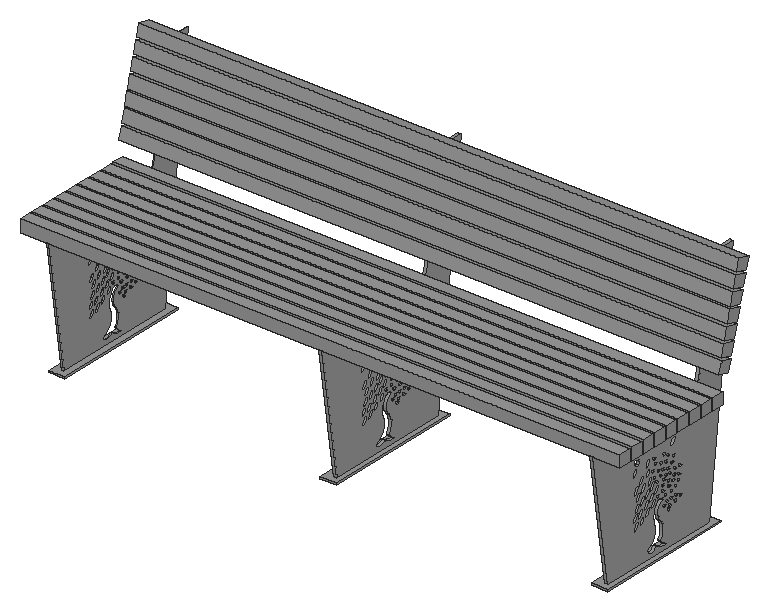
Revit family "Диван парковый с фигурной резкой «Флоренция» Арт 20361", category Антураж, Revit 2018 (continued)
Forms (mm)
  Extrusion 22, solid, material "Сталь" <- "Цвет опор"
    sketch origin (0, 0, 0) x (0, 1, 0) y (0, 0, 1)
      loop
        spline (309.698, 255.92) -> (310.372, 257.077) -> (310.518, 258.636) -> (310.126, 260.492) -> (309.224, 262.518) -> (307.872, 264.577) -> (306.162, 266.527) -> (304.211, 268.237) -> (302.153, 269.589) -> (300.126, 270.492) -> (298.271, 270.883) -> (296.711, 270.737) -> (295.555, 270.063)
      loop
        spline (313.015, 229.08) -> (312.341, 227.924) -> (312.194, 226.365) -> (312.586, 224.509) -> (313.489, 222.482) -> (314.841, 220.424) -> (316.55, 218.473) -> (318.501, 216.763) -> (320.56, 215.411) -> (322.586, 214.509) -> (324.442, 214.117) -> (326.001, 214.263) -> (327.157, 214.938)
        spline (327.157, 214.938) -> (327.831, 216.094) -> (327.977, 217.653) -> (327.586, 219.509) -> (326.683, 221.535) -> (325.331, 223.594) -> (323.621, 225.544) -> (321.671, 227.254) -> (319.612, 228.606) -> (317.586, 229.509) -> (315.73, 229.9) -> (314.171, 229.754) -> (313.015, 229.08)
      loop
        spline (295.694, 230.319) -> (295.02, 229.163) -> (294.874, 227.604) -> (295.265, 225.748) -> (296.168, 223.722) -> (297.52, 221.663) -> (299.23, 219.712) -> (301.18, 218.003) -> (303.239, 216.651) -> (305.265, 215.748) -> (307.121, 215.356) -> (308.68, 215.503) -> (309.836, 216.177)
        spline (309.836, 216.177) -> (310.511, 217.333) -> (310.657, 218.892) -> (310.265, 220.748) -> (309.363, 222.774) -> (308.011, 224.833) -> (306.301, 226.783) -> (304.35, 228.493) -> (302.292, 229.845) -> (300.265, 230.748) -> (298.409, 231.139) -> (296.85, 230.993) -> (295.694, 230.319)
      loop
        spline (285.586, 221.393) -> (284.912, 220.237) -> (284.766, 218.678) -> (285.157, 216.822) -> (286.06, 214.795) -> (287.412, 212.737) -> (289.122, 210.786) -> (291.072, 209.077) -> (293.131, 207.724) -> (295.157, 206.822) -> (297.013, 206.43) -> (298.572, 206.577) -> (299.728, 207.251)
        spline (299.728, 207.251) -> (300.402, 208.407) -> (300.549, 209.966) -> (300.157, 211.822) -> (299.254, 213.848) -> (297.902, 215.907) -> (296.193, 217.857) -> (294.242, 219.567) -> (292.183, 220.919) -> (290.157, 221.822) -> (288.301, 222.213) -> (286.742, 222.067) -> (285.586, 221.393)
      loop
        spline (257.061, 227.427) -> (256.387, 226.271) -> (256.24, 224.712) -> (256.632, 222.856) -> (257.535, 220.83) -> (258.887, 218.771) -> (260.596, 216.82) -> (262.547, 215.111) -> (264.606, 213.759) -> (266.632, 212.856) -> (268.488, 212.464) -> (270.047, 212.611) -> (271.203, 213.285)
        spline (271.203, 213.285) -> (271.877, 214.441) -> (272.023, 216) -> (271.632, 217.856) -> (270.729, 219.882) -> (269.377, 221.941) -> (267.668, 223.891) -> (265.717, 225.601) -> (263.658, 226.953) -> (261.632, 227.856) -> (259.776, 228.247) -> (258.217, 228.101) -> (257.061, 227.427)
      loop
        spline (273.444, 238.899) -> (272.77, 237.743) -> (272.624, 236.183) -> (273.015, 234.327) -> (273.918, 232.301) -> (275.27, 230.243) -> (276.979, 228.292) -> (278.93, 226.582) -> (280.989, 225.23) -> (283.015, 224.327) -> (284.871, 223.936) -> (286.43, 224.082) -> (287.586, 224.756)
        spline (287.586, 224.756) -> (288.26, 225.912) -> (288.407, 227.471) -> (288.015, 229.327) -> (287.112, 231.354) -> (285.76, 233.412) -> (284.051, 235.363) -> (282.1, 237.073) -> (280.041, 238.425) -> (278.015, 239.327) -> (276.159, 239.719) -> (274.6, 239.573) -> (273.444, 238.899)
      loop
        spline (302.422, 246.663) -> (301.748, 245.507) -> (301.601, 243.948) -> (301.993, 242.092) -> (302.895, 240.066) -> (304.248, 238.007) -> (305.957, 236.056) -> (307.908, 234.347) -> (309.966, 232.995) -> (311.993, 232.092) -> (313.849, 231.701) -> (315.408, 231.847) -> (316.564, 232.521)
        spline (316.564, 232.521) -> (317.238, 233.677) -> (317.384, 235.236) -> (316.993, 237.092) -> (316.09, 239.118) -> (314.738, 241.177) -> (313.028, 243.128) -> (311.078, 244.837) -> (309.019, 246.189) -> (306.993, 247.092) -> (305.137, 247.484) -> (303.578, 247.337) -> (302.422, 246.663)
      loop
        spline (263.61, 256.34) -> (262.936, 255.184) -> (262.789, 253.625) -> (263.181, 251.769) -> (264.084, 249.743) -> (265.436, 247.684) -> (267.145, 245.733) -> (269.096, 244.024) -> (271.155, 242.671) -> (273.181, 241.769) -> (275.037, 241.377) -> (276.596, 241.524) -> (277.752, 242.198)
        spline (277.752, 242.198) -> (278.426, 243.354) -> (278.572, 244.913) -> (278.181, 246.769) -> (277.278, 248.795) -> (275.926, 250.854) -> (274.216, 252.804) -> (272.266, 254.514) -> (270.207, 255.866) -> (268.181, 256.769) -> (266.325, 257.16) -> (264.766, 257.014) -> (263.61, 256.34)
      loop
        spline (240.118, 264.89) -> (239.443, 263.734) -> (239.297, 262.175) -> (239.689, 260.319) -> (240.591, 258.293) -> (241.943, 256.234) -> (243.653, 254.284) -> (245.604, 252.574) -> (247.662, 251.222) -> (249.689, 250.319) -> (251.545, 249.928) -> (253.104, 250.074) -> (254.26, 250.748)
        spline (254.26, 250.748) -> (254.934, 251.904) -> (255.08, 253.463) -> (254.689, 255.319) -> (253.786, 257.346) -> (252.434, 259.404) -> (250.724, 261.355) -> (248.774, 263.065) -> (246.715, 264.417) -> (244.689, 265.319) -> (242.833, 265.711) -> (241.274, 265.565) -> (240.118, 264.89)
      loop
        spline (247.956, 243.354) -> (247.282, 242.198) -> (247.136, 240.639) -> (247.527, 238.783) -> (248.43, 236.757) -> (249.782, 234.698) -> (251.492, 232.748) -> (253.442, 231.038) -> (255.501, 229.686) -> (257.527, 228.783) -> (259.383, 228.392) -> (260.942, 228.538) -> (262.098, 229.212)
        spline (262.098, 229.212) -> (262.772, 230.368) -> (262.919, 231.927) -> (262.527, 233.783) -> (261.625, 235.809) -> (260.272, 237.868) -> (258.563, 239.819) -> (256.612, 241.528) -> (254.554, 242.881) -> (252.527, 243.783) -> (250.671, 244.175) -> (249.112, 244.028) -> (247.956, 243.354)
      loop
        spline (281.6, 253.002) -> (280.926, 251.846) -> (280.78, 250.286) -> (281.171, 248.43) -> (282.074, 246.404) -> (283.426, 244.346) -> (285.136, 242.395) -> (287.086, 240.685) -> (289.145, 239.333) -> (291.171, 238.43) -> (293.027, 238.039) -> (294.586, 238.185) -> (295.742, 238.859)
        spline (295.742, 238.859) -> (296.417, 240.015) -> (296.563, 241.574) -> (296.171, 243.43) -> (295.269, 245.457) -> (293.917, 247.515) -> (292.207, 249.466) -> (290.256, 251.176) -> (288.198, 252.528) -> (286.171, 253.43) -> (284.315, 253.822) -> (282.756, 253.676) -> (281.6, 253.002)
    from 1900 to 1910
Dimensions and locks
  "Ширина": plane 5 to plane 1 "По центру (Вперед/Назад)"
  "Длина": plane 3 "По центру (Влево/Вправо)" to plane 4
  "Высота": plane 6 to plane 2
  equal spacing: group 1, group 3, group 4, group 5, group 6, group 7, group 8, group 9, group 2  (x3)
  equal spacing: group 10, group 12, group 13, group 14, group 15, group 16, group 11
  equal spacing: group 11, group 16, group 15, group 14, group 13, group 12, group 10  (x2)
  aligned and locked: level to plane 2
Automatic sketch dimensions
  Extrusion 1 sketch curve to Extrusion 1 sketch curve = 40 mm  (x2)
  Extrusion 2 sketch curve to Extrusion 2 sketch curve = 10.353 mm  (x2)
  Extrusion 3 sketch curve to Extrusion 3 sketch curve = 40 mm  (x2)
  Extrusion 4 sketch curve to Extrusion 4 sketch curve = 40 mm  (x2)
  Extrusion 5 sketch curve to Extrusion 5 sketch curve = 40 mm  (x2)
  Extrusion 6 sketch curve to Extrusion 6 sketch curve = 40 mm  (x2)
  Extrusion 7 sketch curve to Extrusion 7 sketch curve = 40 mm  (x2)
  Extrusion 8 sketch curve to Extrusion 8 sketch curve = 40 mm  (x2)
  Extrusion 9 sketch curve to Extrusion 9 sketch curve = 40 mm  (x2)
  Extrusion 10 sketch curve to Extrusion 10 sketch curve = 40 mm  (x2)
  Extrusion 2 sketch curve to Extrusion 2 sketch curve = 38.637 mm
  Extrusion 11 sketch curve to Extrusion 11 sketch curve = 10.353 mm  (x2)
  Extrusion 11 sketch curve to Extrusion 11 sketch curve = 38.637 mm
  Extrusion 12 sketch curve to Extrusion 12 sketch curve = 10.353 mm  (x2)
  Extrusion 12 sketch curve to Extrusion 12 sketch curve = 38.637 mm
  Extrusion 13 sketch curve to Extrusion 13 sketch curve = 10.353 mm  (x2)
  Extrusion 13 sketch curve to Extrusion 13 sketch curve = 38.637 mm
  Extrusion 14 sketch curve to Extrusion 14 sketch curve = 10.353 mm  (x2)
  Extrusion 14 sketch curve to Extrusion 14 sketch curve = 38.637 mm
  Extrusion 15 sketch curve to Extrusion 15 sketch curve = 10.353 mm  (x2)
  Extrusion 15 sketch curve to Extrusion 15 sketch curve = 38.637 mm
  Extrusion 16 sketch curve to Extrusion 16 sketch curve = 10.353 mm  (x2)
  Extrusion 16 sketch curve to Extrusion 16 sketch curve = 38.637 mm
  Extrusion 17 sketch curve to plane 1 "По центру (Вперед/Назад)" = 0 mm
  Extrusion 17 sketch curve to level = 0 mm
  Extrusion 17 sketch curve to plane 5 = 0 mm
  Extrusion 17 sketch curve to plane 1 "По центру (Вперед/Назад)" = 61.477 mm
  Extrusion 17 sketch curve to Extrusion 17 sketch curve = 144.878 mm
  Extrusion 17 sketch curve to Extrusion 17 sketch curve = 23.131 mm
  Extrusion 17 sketch curve to Extrusion 17 sketch curve = 15.036 mm
  Extrusion 17 sketch curve to Extrusion 17 sketch curve = 47.499 mm
  Extrusion 17 sketch curve to Extrusion 17 sketch curve = 52.942 mm
  Extrusion 17 sketch curve to Extrusion 17 sketch curve = 26.818 mm
  Extrusion 17 sketch curve to Extrusion 17 sketch curve = 3.978 mm
  Extrusion 17 sketch curve to Extrusion 17 sketch curve = 17.272 mm
  Extrusion 17 sketch curve to plane 5 = 153.448 mm
  Extrusion 17 sketch curve to plane 5 = 98.523 mm
  Extrusion 17 sketch curve to plane 6 = 17.597 mm
  Extrusion 17 sketch curve to plane 5 = 48.304 mm
  level to Extrusion 17 sketch curve = 37.693 mm
  level to Extrusion 17 sketch curve = 56.351 mm
  Extrusion 17 sketch curve to Extrusion 17 sketch curve = 27.663 mm
  Extrusion 17 sketch curve to Extrusion 17 sketch curve = 14.698 mm
  Extrusion 17 sketch curve to Extrusion 17 sketch curve = 15.356 mm
  Extrusion 17 sketch curve to Extrusion 17 sketch curve = 51.077 mm
  Extrusion 17 sketch curve to Extrusion 17 sketch curve = 0.178 mm
  Extrusion 17 sketch curve to Extrusion 17 sketch curve = 26.292 mm
  Extrusion 17 sketch curve to Extrusion 17 sketch curve = 261.582 mm
  Extrusion 17 sketch curve to Extrusion 17 sketch curve = 111.372 mm
  Extrusion 17 sketch curve to Extrusion 17 sketch curve = 38.747 mm
  Extrusion 17 sketch curve to Extrusion 17 sketch curve = 5.241 mm
  Extrusion 17 sketch curve to Extrusion 17 sketch curve = 3.275 mm
  Extrusion 17 sketch curve to Extrusion 17 sketch curve = 7.5 mm  (x20)
  Extrusion 17 sketch curve to Extrusion 17 sketch curve = 7.4 mm
  Extrusion 17 sketch curve to Extrusion 17 sketch curve = 0.1 mm
  Extrusion 17 sketch curve to Extrusion 17 sketch curve = 8.551 mm
  Extrusion 17 sketch curve to Extrusion 17 sketch curve = 7.911 mm
  Extrusion 17 sketch curve to Extrusion 17 sketch curve = 14.005 mm
  Extrusion 17 sketch curve to Extrusion 17 sketch curve = 10.607 mm  (x3)
  Extrusion 17 sketch curve to Extrusion 17 sketch curve = 14.862 mm
  Extrusion 17 sketch curve to Extrusion 17 sketch curve = 16.532 mm
  Extrusion 17 sketch curve to Extrusion 17 sketch curve = 14.574 mm
  Extrusion 17 sketch curve to Extrusion 17 sketch curve = 13.786 mm
  Extrusion 17 sketch curve to Extrusion 17 sketch curve = 17.66 mm
  Extrusion 17 sketch curve to Extrusion 17 sketch curve = 15.165 mm
  Extrusion 17 sketch curve to Extrusion 17 sketch curve = 13.316 mm
  Extrusion 17 sketch curve to Extrusion 17 sketch curve = 19.345 mm
  Extrusion 17 sketch curve to Extrusion 17 sketch curve = 0 mm  (x4)
  Extrusion 17 sketch curve to Extrusion 17 sketch curve = 20.679 mm
  Extrusion 17 sketch curve to Extrusion 17 sketch curve = 2.428 mm
  Extrusion 17 sketch curve to Extrusion 17 sketch curve = 13.802 mm
  Extrusion 17 sketch curve to Extrusion 17 sketch curve = 12.428 mm  (x2)
  Extrusion 17 sketch curve to Extrusion 17 sketch curve = 12.556 mm
  Extrusion 17 sketch curve to Extrusion 17 sketch curve = 17.371 mm
  Extrusion 17 sketch curve to Extrusion 17 sketch curve = 17.111 mm
  Extrusion 17 sketch curve to Extrusion 17 sketch curve = 7.071 mm  (x40)
  Extrusion 17 sketch curve to Extrusion 17 sketch curve = 0.767 mm
  Extrusion 17 sketch curve to Extrusion 17 sketch curve = 6.84 mm
  Extrusion 17 sketch curve to Extrusion 17 sketch curve = 24.862 mm
  Extrusion 17 sketch curve to Extrusion 17 sketch curve = 2.034 mm
  Extrusion 17 sketch curve to Extrusion 17 sketch curve = 4.332 mm
  Extrusion 17 sketch curve to Extrusion 17 sketch curve = 18.95 mm
  Extrusion 17 sketch curve to Extrusion 17 sketch curve = 16.421 mm  (x3)
  Extrusion 17 sketch curve to Extrusion 17 sketch curve = 2.763 mm
  Extrusion 17 sketch curve to Extrusion 17 sketch curve = 10.919 mm
  Extrusion 17 sketch curve to Extrusion 17 sketch curve = 15.327 mm
  Extrusion 17 sketch curve to Extrusion 17 sketch curve = 14.604 mm
  Extrusion 17 sketch curve to Extrusion 17 sketch curve = 19.388 mm
  Extrusion 17 sketch curve to Extrusion 17 sketch curve = 5.071 mm
  Extrusion 17 sketch curve to Extrusion 17 sketch curve = 12.5 mm
  Extrusion 17 sketch curve to Extrusion 17 sketch curve = 10.86 mm
  Extrusion 17 sketch curve to Extrusion 17 sketch curve = 5.434 mm
  Extrusion 17 sketch curve to Extrusion 17 sketch curve = 4.419 mm
  Extrusion 17 sketch curve to Extrusion 17 sketch curve = 13.479 mm
  Extrusion 17 sketch curve to Extrusion 17 sketch curve = 10.108 mm
  Extrusion 17 sketch curve to Extrusion 17 sketch curve = 6.853 mm
  Extrusion 17 sketch curve to Extrusion 17 sketch curve = 13.75 mm
  Extrusion 17 sketch curve to Extrusion 17 sketch curve = 10.249 mm
  Extrusion 17 sketch curve to Extrusion 17 sketch curve = 12.373 mm
  Extrusion 17 sketch curve to Extrusion 17 sketch curve = 1.72 mm
  Extrusion 17 sketch curve to Extrusion 17 sketch curve = 1.895 mm  (x2)
  Extrusion 17 sketch curve to Extrusion 17 sketch curve = 4.051 mm
  Extrusion 17 sketch curve to Extrusion 17 sketch curve = 4.813 mm
  Extrusion 17 sketch curve to Extrusion 17 sketch curve = 3.522 mm
  Extrusion 17 sketch curve to Extrusion 17 sketch curve = 9.5 mm
  Extrusion 17 sketch curve to Extrusion 17 sketch curve = 4.631 mm
  Extrusion 17 sketch curve to Extrusion 17 sketch curve = 17.712 mm
  Extrusion 17 sketch curve to Extrusion 17 sketch curve = 15.68 mm
  Extrusion 17 sketch curve to Extrusion 17 sketch curve = 12.144 mm
  Extrusion 17 sketch curve to Extrusion 17 sketch curve = 15.019 mm
  Extrusion 17 sketch curve to Extrusion 17 sketch curve = 9.093 mm
  Extrusion 17 sketch curve to Extrusion 17 sketch curve = 5.429 mm
  Extrusion 17 sketch curve to Extrusion 17 sketch curve = 10.072 mm
  Extrusion 17 sketch curve to Extrusion 17 sketch curve = 4.032 mm
  Extrusion 17 sketch curve to Extrusion 17 sketch curve = 12.853 mm
  Extrusion 17 sketch curve to Extrusion 17 sketch curve = 12.247 mm
  Extrusion 17 sketch curve to Extrusion 17 sketch curve = 12.929 mm
  Extrusion 17 sketch curve to Extrusion 17 sketch curve = 11.055 mm
  Extrusion 17 sketch curve to Extrusion 17 sketch curve = 28.719 mm
  Extrusion 17 sketch curve to Extrusion 17 sketch curve = 6.099 mm
  Extrusion 17 sketch curve to Extrusion 17 sketch curve = 5.294 mm
  Extrusion 17 sketch curve to Extrusion 17 sketch curve = 9.927 mm
  Extrusion 17 sketch curve to Extrusion 17 sketch curve = 3.984 mm
  Extrusion 17 sketch curve to Extrusion 17 sketch curve = 1.729 mm
  Extrusion 17 sketch curve to Extrusion 17 sketch curve = 13.686 mm
  Extrusion 17 sketch curve to Extrusion 17 sketch curve = 7.609 mm
  Extrusion 17 sketch curve to Extrusion 17 sketch curve = 9.198 mm
  Extrusion 17 sketch curve to Extrusion 17 sketch curve = 9.283 mm
  Extrusion 17 sketch curve to Extrusion 17 sketch curve = 7.248 mm
  Extrusion 17 sketch curve to Extrusion 17 sketch curve = 1.381 mm
  Extrusion 17 sketch curve to Extrusion 17 sketch curve = 3.785 mm
  Extrusion 17 sketch curve to Extrusion 17 sketch curve = 12.207 mm
  Extrusion 17 sketch curve to Extrusion 17 sketch curve = 14.773 mm
  Extrusion 17 sketch curve to Extrusion 17 sketch curve = 10.078 mm
  Extrusion 17 sketch curve to Extrusion 17 sketch curve = 12.648 mm
  Extrusion 17 sketch curve to Extrusion 17 sketch curve = 0.526 mm
  Extrusion 17 sketch curve to Extrusion 17 sketch curve = 7.797 mm
  Extrusion 17 sketch curve to Extrusion 17 sketch curve = 15.872 mm
  Extrusion 17 sketch curve to Extrusion 17 sketch curve = 1.254 mm
  Extrusion 17 sketch curve to Extrusion 17 sketch curve = 9.934 mm
  Extrusion 17 sketch curve to Extrusion 17 sketch curve = 1.907 mm
  Extrusion 17 sketch curve to Extrusion 17 sketch curve = 11.666 mm
  Extrusion 17 sketch curve to Extrusion 17 sketch curve = 12.389 mm
  Extrusion 17 sketch curve to Extrusion 17 sketch curve = 1.166 mm
  Extrusion 17 sketch curve to Extrusion 17 sketch curve = 16.424 mm
  Extrusion 17 sketch curve to Extrusion 17 sketch curve = 13.868 mm
  Extrusion 17 sketch curve to Extrusion 17 sketch curve = 9.954 mm
  Extrusion 17 sketch curve to Extrusion 17 sketch curve = 1.759 mm
  Extrusion 17 sketch curve to Extrusion 17 sketch curve = 10.063 mm
  Extrusion 17 sketch curve to Extrusion 17 sketch curve = 9.907 mm
  Extrusion 17 sketch curve to Extrusion 17 sketch curve = 5.731 mm
  Extrusion 17 sketch curve to Extrusion 17 sketch curve = 4.679 mm
  Extrusion 17 sketch curve to Extrusion 17 sketch curve = 10.502 mm
  Extrusion 17 sketch curve to Extrusion 17 sketch curve = 4.33 mm
  Extrusion 17 sketch curve to Extrusion 17 sketch curve = 5.184 mm
  Extrusion 17 sketch curve to Extrusion 17 sketch curve = 5.895 mm
  Extrusion 17 sketch curve to Extrusion 17 sketch curve = 5.832 mm
  Extrusion 17 sketch curve to Extrusion 17 sketch curve = 17.549 mm
  Extrusion 17 sketch curve to Extrusion 17 sketch curve = 10.435 mm
  Extrusion 17 sketch curve to Extrusion 17 sketch curve = 8.856 mm
  Extrusion 17 sketch curve to Extrusion 17 sketch curve = 9.537 mm
  Extrusion 17 sketch curve to Extrusion 17 sketch curve = 10.512 mm
  Extrusion 17 sketch curve to Extrusion 17 sketch curve = 0.733 mm
  Extrusion 17 sketch curve to Extrusion 17 sketch curve = 3.816 mm
  Extrusion 17 sketch curve to Extrusion 17 sketch curve = 10.37 mm
  Extrusion 17 sketch curve to Extrusion 17 sketch curve = 14.58 mm
  Extrusion 17 sketch curve to Extrusion 17 sketch curve = 14.465 mm
  Extrusion 17 sketch curve to Extrusion 17 sketch curve = 16.328 mm
  Extrusion 17 sketch curve to Extrusion 17 sketch curve = 2.62 mm
  Extrusion 17 sketch curve to Extrusion 17 sketch curve = 10.824 mm
  Extrusion 17 sketch curve to Extrusion 17 sketch curve = 18.488 mm
  Extrusion 17 sketch curve to Extrusion 17 sketch curve = 1.479 mm
  Extrusion 17 sketch curve to Extrusion 17 sketch curve = 17.01 mm
  Extrusion 17 sketch curve to Extrusion 17 sketch curve = 3.99 mm
  Extrusion 17 sketch curve to Extrusion 17 sketch curve = 2.929 mm
  Extrusion 17 sketch curve to Extrusion 17 sketch curve = 11.723 mm
  Extrusion 17 sketch curve to Extrusion 17 sketch curve = 17.689 mm
  Extrusion 17 sketch curve to Extrusion 17 sketch curve = 15.834 mm
  plane 3 "По центру (Влево/Вправо)" to Extrusion 18 sketch curve = 65 mm
  Extrusion 18 sketch curve to Extrusion 18 sketch curve = 55 mm
  Extrusion 18 sketch curve to plane 1 "По центру (Вперед/Назад)" = 36.477 mm
  Extrusion 18 sketch curve to plane 5 = 73.523 mm
  Extrusion 19 sketch curve to plane 1 "По центру (Вперед/Назад)" = 36.477 mm
  plane 3 "По центру (Влево/Вправо)" to Extrusion 19 sketch curve = 970 mm
  Extrusion 19 sketch curve to Extrusion 19 sketch curve = 55 mm
  Extrusion 19 sketch curve to plane 5 = 73.523 mm
  Extrusion 20 sketch curve to plane 1 "По центру (Вперед/Назад)" = 36.477 mm
  Extrusion 20 sketch curve to plane 4 = 125 mm
  Extrusion 20 sketch curve to Extrusion 20 sketch curve = 55 mm
  Extrusion 20 sketch curve to plane 5 = 73.523 mm
  Extrusion 21 sketch curve to plane 1 "По центру (Вперед/Назад)" = 0 mm
  Extrusion 21 sketch curve to level = 0 mm
  Extrusion 21 sketch curve to plane 5 = 0 mm
  Extrusion 21 sketch curve to plane 1 "По центру (Вперед/Назад)" = 61.477 mm
  Extrusion 21 sketch curve to Extrusion 21 sketch curve = 144.878 mm
  Extrusion 21 sketch curve to Extrusion 21 sketch curve = 23.131 mm
  Extrusion 21 sketch curve to Extrusion 21 sketch curve = 15.036 mm
  Extrusion 21 sketch curve to Extrusion 21 sketch curve = 47.499 mm
  Extrusion 21 sketch curve to Extrusion 21 sketch curve = 52.942 mm
  Extrusion 21 sketch curve to Extrusion 21 sketch curve = 26.818 mm
  Extrusion 21 sketch curve to Extrusion 21 sketch curve = 3.978 mm
  Extrusion 21 sketch curve to Extrusion 21 sketch curve = 17.272 mm
  Extrusion 21 sketch curve to plane 5 = 153.448 mm
  Extrusion 21 sketch curve to plane 5 = 98.523 mm
  Extrusion 21 sketch curve to plane 6 = 17.597 mm
  Extrusion 21 sketch curve to plane 5 = 48.304 mm
  level to Extrusion 21 sketch curve = 37.693 mm
  level to Extrusion 21 sketch curve = 56.351 mm
  Extrusion 21 sketch curve to Extrusion 21 sketch curve = 27.663 mm
  Extrusion 21 sketch curve to Extrusion 21 sketch curve = 14.698 mm
  Extrusion 21 sketch curve to Extrusion 21 sketch curve = 15.356 mm
  Extrusion 21 sketch curve to Extrusion 21 sketch curve = 51.077 mm
  Extrusion 21 sketch curve to Extrusion 21 sketch curve = 0.178 mm
  Extrusion 21 sketch curve to Extrusion 21 sketch curve = 26.292 mm
  Extrusion 21 sketch curve to Extrusion 21 sketch curve = 261.582 mm
  Extrusion 21 sketch curve to Extrusion 21 sketch curve = 111.372 mm
  Extrusion 21 sketch curve to Extrusion 21 sketch curve = 38.747 mm
  Extrusion 21 sketch curve to Extrusion 21 sketch curve = 5.241 mm
  Extrusion 21 sketch curve to Extrusion 21 sketch curve = 3.275 mm
  Extrusion 21 sketch curve to Extrusion 21 sketch curve = 7.5 mm  (x20)
  Extrusion 21 sketch curve to Extrusion 21 sketch curve = 7.4 mm
  Extrusion 21 sketch curve to Extrusion 21 sketch curve = 0.1 mm
  Extrusion 21 sketch curve to Extrusion 21 sketch curve = 8.551 mm
  Extrusion 21 sketch curve to Extrusion 21 sketch curve = 7.911 mm
  Extrusion 21 sketch curve to Extrusion 21 sketch curve = 14.005 mm
  Extrusion 21 sketch curve to Extrusion 21 sketch curve = 10.607 mm  (x3)
  Extrusion 21 sketch curve to Extrusion 21 sketch curve = 14.862 mm
  Extrusion 21 sketch curve to Extrusion 21 sketch curve = 16.532 mm
  Extrusion 21 sketch curve to Extrusion 21 sketch curve = 14.574 mm
  Extrusion 21 sketch curve to Extrusion 21 sketch curve = 13.786 mm
  Extrusion 21 sketch curve to Extrusion 21 sketch curve = 17.66 mm
  Extrusion 21 sketch curve to Extrusion 21 sketch curve = 15.165 mm
  Extrusion 21 sketch curve to Extrusion 21 sketch curve = 13.316 mm
  Extrusion 21 sketch curve to Extrusion 21 sketch curve = 19.345 mm
  Extrusion 21 sketch curve to Extrusion 21 sketch curve = 0 mm  (x4)
  Extrusion 21 sketch curve to Extrusion 21 sketch curve = 20.679 mm
  Extrusion 21 sketch curve to Extrusion 21 sketch curve = 2.428 mm
  Extrusion 21 sketch curve to Extrusion 21 sketch curve = 13.802 mm
  Extrusion 21 sketch curve to Extrusion 21 sketch curve = 12.428 mm  (x2)
  Extrusion 21 sketch curve to Extrusion 21 sketch curve = 12.556 mm
  Extrusion 21 sketch curve to Extrusion 21 sketch curve = 17.371 mm
  Extrusion 21 sketch curve to Extrusion 21 sketch curve = 17.111 mm
  Extrusion 21 sketch curve to Extrusion 21 sketch curve = 7.071 mm  (x40)
  Extrusion 21 sketch curve to Extrusion 21 sketch curve = 0.767 mm
  Extrusion 21 sketch curve to Extrusion 21 sketch curve = 6.84 mm
  Extrusion 21 sketch curve to Extrusion 21 sketch curve = 24.862 mm
  Extrusion 21 sketch curve to Extrusion 21 sketch curve = 2.034 mm
  Extrusion 21 sketch curve to Extrusion 21 sketch curve = 4.332 mm
  Extrusion 21 sketch curve to Extrusion 21 sketch curve = 18.95 mm
  Extrusion 21 sketch curve to Extrusion 21 sketch curve = 16.421 mm  (x3)
  Extrusion 21 sketch curve to Extrusion 21 sketch curve = 2.763 mm
  Extrusion 21 sketch curve to Extrusion 21 sketch curve = 10.919 mm
  Extrusion 21 sketch curve to Extrusion 21 sketch curve = 15.327 mm
  Extrusion 21 sketch curve to Extrusion 21 sketch curve = 14.604 mm
  Extrusion 21 sketch curve to Extrusion 21 sketch curve = 19.388 mm
  Extrusion 21 sketch curve to Extrusion 21 sketch curve = 5.071 mm
  Extrusion 21 sketch curve to Extrusion 21 sketch curve = 12.5 mm
  Extrusion 21 sketch curve to Extrusion 21 sketch curve = 10.86 mm
  Extrusion 21 sketch curve to Extrusion 21 sketch curve = 5.434 mm
  Extrusion 21 sketch curve to Extrusion 21 sketch curve = 4.419 mm
  Extrusion 21 sketch curve to Extrusion 21 sketch curve = 13.479 mm
  Extrusion 21 sketch curve to Extrusion 21 sketch curve = 10.108 mm
  Extrusion 21 sketch curve to Extrusion 21 sketch curve = 6.853 mm
  Extrusion 21 sketch curve to Extrusion 21 sketch curve = 13.75 mm
  Extrusion 21 sketch curve to Extrusion 21 sketch curve = 10.249 mm
  Extrusion 21 sketch curve to Extrusion 21 sketch curve = 12.373 mm
  Extrusion 21 sketch curve to Extrusion 21 sketch curve = 1.72 mm
  Extrusion 21 sketch curve to Extrusion 21 sketch curve = 1.895 mm  (x2)
  Extrusion 21 sketch curve to Extrusion 21 sketch curve = 4.051 mm
  Extrusion 21 sketch curve to Extrusion 21 sketch curve = 4.813 mm
  Extrusion 21 sketch curve to Extrusion 21 sketch curve = 3.522 mm
  Extrusion 21 sketch curve to Extrusion 21 sketch curve = 9.5 mm
  Extrusion 21 sketch curve to Extrusion 21 sketch curve = 4.631 mm
  Extrusion 21 sketch curve to Extrusion 21 sketch curve = 17.712 mm
  Extrusion 21 sketch curve to Extrusion 21 sketch curve = 15.68 mm
  Extrusion 21 sketch curve to Extrusion 21 sketch curve = 12.144 mm
  Extrusion 21 sketch curve to Extrusion 21 sketch curve = 15.019 mm
  Extrusion 21 sketch curve to Extrusion 21 sketch curve = 9.093 mm
  Extrusion 21 sketch curve to Extrusion 21 sketch curve = 5.429 mm
  Extrusion 21 sketch curve to Extrusion 21 sketch curve = 10.072 mm
  Extrusion 21 sketch curve to Extrusion 21 sketch curve = 4.032 mm
  Extrusion 21 sketch curve to Extrusion 21 sketch curve = 12.853 mm
  Extrusion 21 sketch curve to Extrusion 21 sketch curve = 12.247 mm
  Extrusion 21 sketch curve to Extrusion 21 sketch curve = 12.929 mm
  Extrusion 21 sketch curve to Extrusion 21 sketch curve = 11.055 mm
  Extrusion 21 sketch curve to Extrusion 21 sketch curve = 28.719 mm
  Extrusion 21 sketch curve to Extrusion 21 sketch curve = 6.099 mm
  Extrusion 21 sketch curve to Extrusion 21 sketch curve = 5.294 mm
  Extrusion 21 sketch curve to Extrusion 21 sketch curve = 9.927 mm
  Extrusion 21 sketch curve to Extrusion 21 sketch curve = 3.984 mm
  Extrusion 21 sketch curve to Extrusion 21 sketch curve = 1.729 mm
  Extrusion 21 sketch curve to Extrusion 21 sketch curve = 13.686 mm
  Extrusion 21 sketch curve to Extrusion 21 sketch curve = 7.609 mm
  Extrusion 21 sketch curve to Extrusion 21 sketch curve = 9.198 mm
  Extrusion 21 sketch curve to Extrusion 21 sketch curve = 9.283 mm
  Extrusion 21 sketch curve to Extrusion 21 sketch curve = 7.248 mm
  Extrusion 21 sketch curve to Extrusion 21 sketch curve = 1.381 mm
  Extrusion 21 sketch curve to Extrusion 21 sketch curve = 3.785 mm
  Extrusion 21 sketch curve to Extrusion 21 sketch curve = 12.207 mm
  Extrusion 21 sketch curve to Extrusion 21 sketch curve = 14.773 mm
  Extrusion 21 sketch curve to Extrusion 21 sketch curve = 10.078 mm
  Extrusion 21 sketch curve to Extrusion 21 sketch curve = 12.648 mm
  Extrusion 21 sketch curve to Extrusion 21 sketch curve = 0.526 mm
  Extrusion 21 sketch curve to Extrusion 21 sketch curve = 7.797 mm
  Extrusion 21 sketch curve to Extrusion 21 sketch curve = 15.872 mm
  Extrusion 21 sketch curve to Extrusion 21 sketch curve = 1.254 mm
  Extrusion 21 sketch curve to Extrusion 21 sketch curve = 9.934 mm
  Extrusion 21 sketch curve to Extrusion 21 sketch curve = 1.907 mm
  Extrusion 21 sketch curve to Extrusion 21 sketch curve = 11.666 mm
  Extrusion 21 sketch curve to Extrusion 21 sketch curve = 12.389 mm
  Extrusion 21 sketch curve to Extrusion 21 sketch curve = 1.166 mm
  Extrusion 21 sketch curve to Extrusion 21 sketch curve = 16.424 mm
  Extrusion 21 sketch curve to Extrusion 21 sketch curve = 13.868 mm
  Extrusion 21 sketch curve to Extrusion 21 sketch curve = 9.954 mm
  Extrusion 21 sketch curve to Extrusion 21 sketch curve = 1.759 mm
  Extrusion 21 sketch curve to Extrusion 21 sketch curve = 10.063 mm
  Extrusion 21 sketch curve to Extrusion 21 sketch curve = 9.907 mm
  Extrusion 21 sketch curve to Extrusion 21 sketch curve = 5.731 mm
  Extrusion 21 sketch curve to Extrusion 21 sketch curve = 4.679 mm
  Extrusion 21 sketch curve to Extrusion 21 sketch curve = 10.502 mm
  Extrusion 21 sketch curve to Extrusion 21 sketch curve = 4.33 mm
  Extrusion 21 sketch curve to Extrusion 21 sketch curve = 5.184 mm
  Extrusion 21 sketch curve to Extrusion 21 sketch curve = 5.895 mm
  Extrusion 21 sketch curve to Extrusion 21 sketch curve = 5.832 mm
  Extrusion 21 sketch curve to Extrusion 21 sketch curve = 17.549 mm
  Extrusion 21 sketch curve to Extrusion 21 sketch curve = 10.435 mm
  Extrusion 21 sketch curve to Extrusion 21 sketch curve = 8.856 mm
  Extrusion 21 sketch curve to Extrusion 21 sketch curve = 9.537 mm
  Extrusion 21 sketch curve to Extrusion 21 sketch curve = 10.512 mm
  Extrusion 21 sketch curve to Extrusion 21 sketch curve = 0.733 mm
  Extrusion 21 sketch curve to Extrusion 21 sketch curve = 3.816 mm
  Extrusion 21 sketch curve to Extrusion 21 sketch curve = 10.37 mm
  Extrusion 21 sketch curve to Extrusion 21 sketch curve = 14.58 mm
  Extrusion 21 sketch curve to Extrusion 21 sketch curve = 14.465 mm
  Extrusion 21 sketch curve to Extrusion 21 sketch curve = 16.328 mm
  Extrusion 21 sketch curve to Extrusion 21 sketch curve = 2.62 mm
  Extrusion 21 sketch curve to Extrusion 21 sketch curve = 10.824 mm
  Extrusion 21 sketch curve to Extrusion 21 sketch curve = 18.488 mm
  Extrusion 21 sketch curve to Extrusion 21 sketch curve = 1.479 mm
  Extrusion 21 sketch curve to Extrusion 21 sketch curve = 17.01 mm
  Extrusion 21 sketch curve to Extrusion 21 sketch curve = 3.99 mm
  Extrusion 21 sketch curve to Extrusion 21 sketch curve = 2.929 mm
  Extrusion 21 sketch curve to Extrusion 21 sketch curve = 11.723 mm
  Extrusion 21 sketch curve to Extrusion 21 sketch curve = 17.689 mm
  Extrusion 21 sketch curve to Extrusion 21 sketch curve = 15.834 mm
  Extrusion 22 sketch curve to plane 1 "По центру (Вперед/Назад)" = 0 mm
  Extrusion 22 sketch curve to level = 0 mm
  Extrusion 22 sketch curve to plane 5 = 0 mm
  Extrusion 22 sketch curve to plane 1 "По центру (Вперед/Назад)" = 61.477 mm
  Extrusion 22 sketch curve to Extrusion 22 sketch curve = 144.878 mm
  Extrusion 22 sketch curve to Extrusion 22 sketch curve = 23.131 mm
  Extrusion 22 sketch curve to Extrusion 22 sketch curve = 15.036 mm
  Extrusion 22 sketch curve to Extrusion 22 sketch curve = 47.499 mm
  Extrusion 22 sketch curve to Extrusion 22 sketch curve = 52.942 mm
  Extrusion 22 sketch curve to Extrusion 22 sketch curve = 26.818 mm
  Extrusion 22 sketch curve to Extrusion 22 sketch curve = 3.978 mm
  Extrusion 22 sketch curve to Extrusion 22 sketch curve = 17.272 mm
  Extrusion 22 sketch curve to plane 5 = 153.448 mm
  Extrusion 22 sketch curve to plane 5 = 98.523 mm
  Extrusion 22 sketch curve to plane 6 = 17.597 mm
  Extrusion 22 sketch curve to plane 5 = 48.304 mm
  level to Extrusion 22 sketch curve = 37.693 mm
  level to Extrusion 22 sketch curve = 56.351 mm
  Extrusion 22 sketch curve to Extrusion 22 sketch curve = 27.663 mm
  Extrusion 22 sketch curve to Extrusion 22 sketch curve = 14.698 mm
  Extrusion 22 sketch curve to Extrusion 22 sketch curve = 15.356 mm
  Extrusion 22 sketch curve to Extrusion 22 sketch curve = 51.077 mm
  Extrusion 22 sketch curve to Extrusion 22 sketch curve = 0.178 mm
  Extrusion 22 sketch curve to Extrusion 22 sketch curve = 26.292 mm
  Extrusion 22 sketch curve to Extrusion 22 sketch curve = 261.582 mm
  Extrusion 22 sketch curve to Extrusion 22 sketch curve = 111.372 mm
  Extrusion 22 sketch curve to Extrusion 22 sketch curve = 38.747 mm
  Extrusion 22 sketch curve to Extrusion 22 sketch curve = 5.241 mm
  Extrusion 22 sketch curve to Extrusion 22 sketch curve = 3.275 mm
  Extrusion 22 sketch curve to Extrusion 22 sketch curve = 7.5 mm  (x20)
  Extrusion 22 sketch curve to Extrusion 22 sketch curve = 7.4 mm
  Extrusion 22 sketch curve to Extrusion 22 sketch curve = 0.1 mm
  Extrusion 22 sketch curve to Extrusion 22 sketch curve = 8.551 mm
  Extrusion 22 sketch curve to Extrusion 22 sketch curve = 7.911 mm
  Extrusion 22 sketch curve to Extrusion 22 sketch curve = 14.005 mm
  Extrusion 22 sketch curve to Extrusion 22 sketch curve = 10.607 mm  (x3)
  Extrusion 22 sketch curve to Extrusion 22 sketch curve = 14.862 mm
  Extrusion 22 sketch curve to Extrusion 22 sketch curve = 16.532 mm
  Extrusion 22 sketch curve to Extrusion 22 sketch curve = 14.574 mm
  Extrusion 22 sketch curve to Extrusion 22 sketch curve = 13.786 mm
  Extrusion 22 sketch curve to Extrusion 22 sketch curve = 17.66 mm
  Extrusion 22 sketch curve to Extrusion 22 sketch curve = 15.165 mm
  Extrusion 22 sketch curve to Extrusion 22 sketch curve = 13.316 mm
  Extrusion 22 sketch curve to Extrusion 22 sketch curve = 19.345 mm
  Extrusion 22 sketch curve to Extrusion 22 sketch curve = 0 mm  (x4)
  Extrusion 22 sketch curve to Extrusion 22 sketch curve = 20.679 mm
  Extrusion 22 sketch curve to Extrusion 22 sketch curve = 2.428 mm
  Extrusion 22 sketch curve to Extrusion 22 sketch curve = 13.802 mm
  Extrusion 22 sketch curve to Extrusion 22 sketch curve = 12.428 mm  (x2)
  Extrusion 22 sketch curve to Extrusion 22 sketch curve = 12.556 mm
  Extrusion 22 sketch curve to Extrusion 22 sketch curve = 17.371 mm
  Extrusion 22 sketch curve to Extrusion 22 sketch curve = 17.111 mm
  Extrusion 22 sketch curve to Extrusion 22 sketch curve = 7.071 mm  (x40)
  Extrusion 22 sketch curve to Extrusion 22 sketch curve = 0.767 mm
  Extrusion 22 sketch curve to Extrusion 22 sketch curve = 6.84 mm
  Extrusion 22 sketch curve to Extrusion 22 sketch curve = 24.862 mm
  Extrusion 22 sketch curve to Extrusion 22 sketch curve = 2.034 mm
  Extrusion 22 sketch curve to Extrusion 22 sketch curve = 4.332 mm
  Extrusion 22 sketch curve to Extrusion 22 sketch curve = 18.95 mm
  Extrusion 22 sketch curve to Extrusion 22 sketch curve = 16.421 mm  (x3)
  Extrusion 22 sketch curve to Extrusion 22 sketch curve = 2.763 mm
  Extrusion 22 sketch curve to Extrusion 22 sketch curve = 10.919 mm
  Extrusion 22 sketch curve to Extrusion 22 sketch curve = 15.327 mm
  Extrusion 22 sketch curve to Extrusion 22 sketch curve = 14.604 mm
  Extrusion 22 sketch curve to Extrusion 22 sketch curve = 19.388 mm
  Extrusion 22 sketch curve to Extrusion 22 sketch curve = 5.071 mm
  Extrusion 22 sketch curve to Extrusion 22 sketch curve = 12.5 mm
  Extrusion 22 sketch curve to Extrusion 22 sketch curve = 10.86 mm
  Extrusion 22 sketch curve to Extrusion 22 sketch curve = 5.434 mm
  Extrusion 22 sketch curve to Extrusion 22 sketch curve = 4.419 mm
  Extrusion 22 sketch curve to Extrusion 22 sketch curve = 13.479 mm
  Extrusion 22 sketch curve to Extrusion 22 sketch curve = 10.108 mm
  Extrusion 22 sketch curve to Extrusion 22 sketch curve = 6.853 mm
  Extrusion 22 sketch curve to Extrusion 22 sketch curve = 13.75 mm
  Extrusion 22 sketch curve to Extrusion 22 sketch curve = 10.249 mm
  Extrusion 22 sketch curve to Extrusion 22 sketch curve = 12.373 mm
  Extrusion 22 sketch curve to Extrusion 22 sketch curve = 1.72 mm
  Extrusion 22 sketch curve to Extrusion 22 sketch curve = 1.895 mm  (x2)
  Extrusion 22 sketch curve to Extrusion 22 sketch curve = 4.051 mm
  Extrusion 22 sketch curve to Extrusion 22 sketch curve = 4.813 mm
  Extrusion 22 sketch curve to Extrusion 22 sketch curve = 3.522 mm
  Extrusion 22 sketch curve to Extrusion 22 sketch curve = 9.5 mm
  Extrusion 22 sketch curve to Extrusion 22 sketch curve = 4.631 mm
  Extrusion 22 sketch curve to Extrusion 22 sketch curve = 17.712 mm
  Extrusion 22 sketch curve to Extrusion 22 sketch curve = 15.68 mm
  Extrusion 22 sketch curve to Extrusion 22 sketch curve = 12.144 mm
  Extrusion 22 sketch curve to Extrusion 22 sketch curve = 15.019 mm
  Extrusion 22 sketch curve to Extrusion 22 sketch curve = 9.093 mm
  Extrusion 22 sketch curve to Extrusion 22 sketch curve = 5.429 mm
  Extrusion 22 sketch curve to Extrusion 22 sketch curve = 10.072 mm
  Extrusion 22 sketch curve to Extrusion 22 sketch curve = 4.032 mm
  Extrusion 22 sketch curve to Extrusion 22 sketch curve = 12.853 mm
  Extrusion 22 sketch curve to Extrusion 22 sketch curve = 12.247 mm
  Extrusion 22 sketch curve to Extrusion 22 sketch curve = 12.929 mm
  Extrusion 22 sketch curve to Extrusion 22 sketch curve = 11.055 mm
  Extrusion 22 sketch curve to Extrusion 22 sketch curve = 28.719 mm
  Extrusion 22 sketch curve to Extrusion 22 sketch curve = 6.099 mm
  Extrusion 22 sketch curve to Extrusion 22 sketch curve = 5.294 mm
  Extrusion 22 sketch curve to Extrusion 22 sketch curve = 9.927 mm
  Extrusion 22 sketch curve to Extrusion 22 sketch curve = 3.984 mm
  Extrusion 22 sketch curve to Extrusion 22 sketch curve = 1.729 mm
  Extrusion 22 sketch curve to Extrusion 22 sketch curve = 13.686 mm
  Extrusion 22 sketch curve to Extrusion 22 sketch curve = 7.609 mm
  Extrusion 22 sketch curve to Extrusion 22 sketch curve = 9.198 mm
  Extrusion 22 sketch curve to Extrusion 22 sketch curve = 9.283 mm
  Extrusion 22 sketch curve to Extrusion 22 sketch curve = 7.248 mm
  Extrusion 22 sketch curve to Extrusion 22 sketch curve = 1.381 mm
  Extrusion 22 sketch curve to Extrusion 22 sketch curve = 3.785 mm
  Extrusion 22 sketch curve to Extrusion 22 sketch curve = 12.207 mm
  Extrusion 22 sketch curve to Extrusion 22 sketch curve = 14.773 mm
  Extrusion 22 sketch curve to Extrusion 22 sketch curve = 10.078 mm
  Extrusion 22 sketch curve to Extrusion 22 sketch curve = 12.648 mm
  Extrusion 22 sketch curve to Extrusion 22 sketch curve = 0.526 mm
  Extrusion 22 sketch curve to Extrusion 22 sketch curve = 7.797 mm
  Extrusion 22 sketch curve to Extrusion 22 sketch curve = 15.872 mm
  Extrusion 22 sketch curve to Extrusion 22 sketch curve = 1.254 mm
  Extrusion 22 sketch curve to Extrusion 22 sketch curve = 9.934 mm
  Extrusion 22 sketch curve to Extrusion 22 sketch curve = 1.907 mm
  Extrusion 22 sketch curve to Extrusion 22 sketch curve = 11.666 mm
  Extrusion 22 sketch curve to Extrusion 22 sketch curve = 12.389 mm
  Extrusion 22 sketch curve to Extrusion 22 sketch curve = 1.166 mm
  Extrusion 22 sketch curve to Extrusion 22 sketch curve = 16.424 mm
  Extrusion 22 sketch curve to Extrusion 22 sketch curve = 13.868 mm
  Extrusion 22 sketch curve to Extrusion 22 sketch curve = 9.954 mm
  Extrusion 22 sketch curve to Extrusion 22 sketch curve = 1.759 mm
  Extrusion 22 sketch curve to Extrusion 22 sketch curve = 10.063 mm
  Extrusion 22 sketch curve to Extrusion 22 sketch curve = 9.907 mm
  Extrusion 22 sketch curve to Extrusion 22 sketch curve = 5.731 mm
  Extrusion 22 sketch curve to Extrusion 22 sketch curve = 4.679 mm
  Extrusion 22 sketch curve to Extrusion 22 sketch curve = 10.502 mm
  Extrusion 22 sketch curve to Extrusion 22 sketch curve = 4.33 mm
  Extrusion 22 sketch curve to Extrusion 22 sketch curve = 5.184 mm
  Extrusion 22 sketch curve to Extrusion 22 sketch curve = 5.895 mm
  Extrusion 22 sketch curve to Extrusion 22 sketch curve = 5.832 mm
  Extrusion 22 sketch curve to Extrusion 22 sketch curve = 17.549 mm
  Extrusion 22 sketch curve to Extrusion 22 sketch curve = 10.435 mm
  Extrusion 22 sketch curve to Extrusion 22 sketch curve = 8.856 mm
  Extrusion 22 sketch curve to Extrusion 22 sketch curve = 9.537 mm
  Extrusion 22 sketch curve to Extrusion 22 sketch curve = 10.512 mm
  Extrusion 22 sketch curve to Extrusion 22 sketch curve = 0.733 mm
  Extrusion 22 sketch curve to Extrusion 22 sketch curve = 3.816 mm
  Extrusion 22 sketch curve to Extrusion 22 sketch curve = 10.37 mm
  Extrusion 22 sketch curve to Extrusion 22 sketch curve = 14.58 mm
  Extrusion 22 sketch curve to Extrusion 22 sketch curve = 14.465 mm
  Extrusion 22 sketch curve to Extrusion 22 sketch curve = 16.328 mm
  Extrusion 22 sketch curve to Extrusion 22 sketch curve = 2.62 mm
  Extrusion 22 sketch curve to Extrusion 22 sketch curve = 10.824 mm
  Extrusion 22 sketch curve to Extrusion 22 sketch curve = 18.488 mm
  Extrusion 22 sketch curve to Extrusion 22 sketch curve = 1.479 mm
  Extrusion 22 sketch curve to Extrusion 22 sketch curve = 17.01 mm
  Extrusion 22 sketch curve to Extrusion 22 sketch curve = 3.99 mm
  Extrusion 22 sketch curve to Extrusion 22 sketch curve = 2.929 mm
  Extrusion 22 sketch curve to Extrusion 22 sketch curve = 11.723 mm
  Extrusion 22 sketch curve to Extrusion 22 sketch curve = 17.689 mm
  Extrusion 22 sketch curve to Extrusion 22 sketch curve = 15.834 mm
